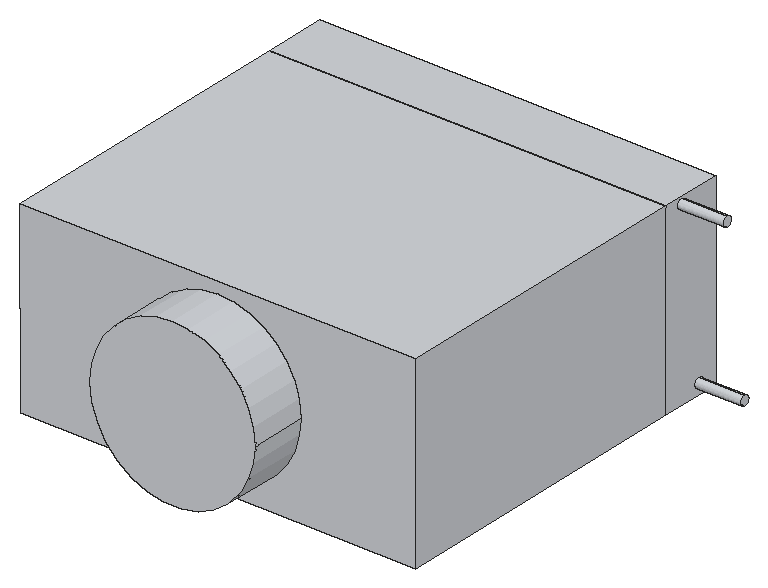
Revit family "EZTS(24x16)+ with Hot Water Coil", category Mechanical Equipment, Revit 2018
Family settings
  Round Connector Dimension = Use Radius
  Part Type = Normal
  Work Plane-Based = No
  Always vertical = Yes
  Cut with Voids When Loaded = No
  Shared = No
  Room Calculation Point = No
Parameters (values of type "EZTS(24x16)+ with 4 Row HWC & NO Controller")
  Width = 38"
  URL = "https://www.anemostat-hvac.com"
  Model = "EZTS+ With Hot Water Coil"
  Manufacturer = "Anemostat Products"
  Length = 30"
  Inlet Depth = 5 7/16"
  Inlet Center = Height / 2  # 9"
  Height = 18"
  HWC Depth "A" = 7"
  HWC Conn Radius = HWC Conn Diameter / 2  # 9/16"
  HWC Conn Length = 4 1/2"
  HWC Conn Diameter = 1 1/8"
  HWC Conn "E" = 1 39/256"
  HWC Conn "D" = 17/32"
  HWC Conn "C" = 3 213/256"
  HWC Conn "B" = 1 3/4"
  Duct Inlet Dia = 15 7/8"
  Duct Discharge Width = 38"
  Duct Discharge Height = 18"
  Description = "SINGLE DUCT AIR TERMINAL WITH INTEGRAL ATTENUATOR JUMBO HOT WATER HEATING COIL"
  Controller Right = no
  Controller Offset = 3"
  Controller Length = 14 7/32"
  Controller Left = no
  Controller Depth = 7 1/8"
  Controller Center = 5.68982"
  Coil Thickness = -6"
Types (13): name | HWC Conn Radius | HWC Conn Diameter | HWC Conn "C" | Controller Right | Controller Left | Controller Center | Coil Thickness
  (no name) | 9/16" | 1 1/8" | 3 213/256" | no | no | 5.68982" | -6"
  EZTS(24x16)+ with 2 Row HWC & NO Controller | 7/16" | 7/8" | 2 213/256" | no | no | 5 35/64" | -5"
  EZTS(24x16)+ with 1 Row HWC & NO Controller | 7/16" | 7/8" | 3 1/4" | no | no | 5.68982" | -5"
  EZTS(24x16)+ with 3 Row HWC & NO Controller | 9/16" | 1 1/8" | 3 213/256" | no | no | 5.68982" | -6"
  EZTS(24x16)+ with 4 Row HWC & NO Controller | 9/16" | 1 1/8" | 3 213/256" | no | no | 5.68982" | -6"
  EZTS(24x16)+ with 2 Row HWC & Controller RH | 7/16" | 7/8" | 2 213/256" | yes | no | 5 35/64" | -5"
  EZTS(24x16)+ with 1 Row HWC & Controller RH | 7/16" | 7/8" | 3 1/4" | yes | no | 5.68982" | -5"
  EZTS(24x16)+ with 4 Row HWC & Controller RH | 9/16" | 1 1/8" | 3 213/256" | yes | no | 5.68982" | -6"
  EZTS(24x16)+ with 3 Row HWC & Controller RH | 9/16" | 1 1/8" | 3 213/256" | yes | no | 5.68982" | -6"
  EZTS(24x16)+ with 1 Row HWC & Controller LH | 7/16" | 7/8" | 3 1/4" | no | yes | 5.68982" | -5"
  EZTS(24x16)+ with 2 Row HWC & Controller LH | 7/16" | 7/8" | 2 213/256" | no | yes | 5 35/64" | -5"
  EZTS(24x16)+ with 3 Row HWC & Controller LH | 9/16" | 1 1/8" | 3 213/256" | no | yes | 5.68982" | -6"
  EZTS(24x16)+ with 4 Row HWC & Controller LH | 9/16" | 1 1/8" | 3 213/256" | no | yes | 5.68982" | -6"
Reference planes (in)
  plane 1 "Center (Front/Back)": y = 0
  plane 2: z = 0
  plane 3 "Center (Left/Right)": x = 0
  plane 4 "Left side": x = -19
  plane 5 "Right Side": x = 19
  plane 6: z = 18
  plane 7 "Back of Box": y = 30
  plane 8: x = -12
  plane 9: x = 12
  plane 10: z = 17
  plane 11: z = 1
  plane 12: x = -11.967
  plane 13: x = 11.967
  plane 14: z = 16.967
  plane 15: z = 1.033
  plane 16 "Back of HWC": y = 35
  plane 17: y = 31.75
  plane 18: z = 17.46875
  plane 19: z = 1.15234
  plane 20: y = 33.83203
  plane 21 "Center Inlet": z = 9
  plane 22 "controller side": x = -26.125
  plane 23 "controller front": y = -3
  plane 24 "controller back": y = 12.875
  plane 25: z = 14.68982
  plane 26: z = 3.31018
  plane 27 "Controller Right": x = 26.125
Forms (in)
  Extrusion 1, solid
    sketch origin (0, 0, 0) x (1, 0, 0) y (0, 0, 1)
      loop
        line (-19, 18) -> (-19, 0) -> (19, 0) -> (19, 18) -> (-19, 18)
    from 0 to -30
  Extrusion 2, solid
    sketch origin (0, 30, 0) x (0, 0, 1) y (-1, 0, 0)
      loop
        line (18, -19) -> (18, 19) -> (0, 19) -> (0, -19) -> (18, -19)
    from 0 to -6 <- "Coil Thickness"
  Extrusion 3, solid
    sketch origin (19, 0, 0) x (0, 0, 1) y (0, -1, 0)
      loop
        circle (17.46875, -31.75) r 0.4375
    from 0 to 4.5 <- "HWC Conn Length"
  Extrusion 4, solid
    sketch origin (19, 0, 0) x (0, 0, 1) y (0, -1, 0)
      loop
        circle (1.15234, -33.83203) r 0.4375
    from 0 to 4.5 <- "HWC Conn Length"
  Extrusion 5, solid
    sketch origin (0, 0, 0) x (1, 0, 0) y (0, 0, 1)
      loop
        circle (0, 9) r 7.9375
    from 0 to 5.4375 <- "Inlet Depth"
  Extrusion 6, solid, visible <- "Controller Left"
    sketch origin (-26.125, 0, 0) x (0, 1, 0) y (0, 0, 1)
      loop
        line (12.875, 14.68982) -> (-3, 14.68982) -> (-3, 3.31018) -> (12.875, 3.31018) -> (12.875, 14.68982)
    from 0 to 7.125 <- "Controller Depth"
  Extrusion 7, solid, visible <- "Controller Right"
    sketch origin (19, 0, 0) x (0, 0, 1) y (0, -1, 0)
      loop
        line (14.68982, 3) -> (3.31018, 3) -> (3.31018, -12.875) -> (14.68982, -12.875) -> (14.68982, 3)
    from 0 to 7.125 <- "Controller Depth"
Dimensions and locks (in)
  equal spacing: plane 5 "Right Side", plane 3 "Center (Left/Right)", plane 4 "Left side"
  "Width": plane 5 "Right Side" to plane 4 "Left side"
  "Height": plane 6 to level
  "Length": plane 7 "Back of Box" to plane 1 "Center (Front/Back)"
  plane 4 "Left side" to plane 8 to plane 3 "Center (Left/Right)" = 7", 12"
  equal spacing: plane 9, plane 3 "Center (Left/Right)", plane 8
  "HWC Conn "B"": plane 7 "Back of Box" to plane 17
  "HWC Conn "D"": plane 6 to plane 18
  "HWC Conn "E"": plane 19 to level
  "HWC Conn "C"": plane 7 "Back of Box" to plane 20
  "Inlet Center": plane 21 "Center Inlet" to level
  "Duct Inlet Dia": plane 24 "controller back" to plane 23 "controller front"
  "Controller Offset": plane 1 "Center (Front/Back)" to plane 23 "controller front"
  "Controller Depth": plane 22 "controller side" to plane 4 "Left side"
  "Controller Center": plane 25 to plane 21 "Center Inlet"
  "Controller Center": plane 26 to plane 21 "Center Inlet"
  "Controller Depth": plane 27 "Controller Right" to Extrusion 1
  "Duct Inlet Dia": diameter of Extrusion 5 sketch curve
  aligned and locked: Extrusion 1 to plane 7 "Back of Box"
  aligned and locked: Extrusion 6 sketch curve to plane 25
  aligned and locked: Extrusion 6 sketch curve to plane 24 "controller back"
  aligned and locked: Extrusion 6 sketch curve to plane 26
  aligned and locked: Extrusion 6 sketch curve to plane 23 "controller front"
  aligned and locked: Extrusion 7 sketch curve to plane 24 "controller back"
  aligned and locked: Extrusion 7 sketch curve to plane 25
  aligned and locked: Extrusion 7 sketch curve to plane 26
  aligned and locked: Extrusion 7 sketch curve to plane 23 "controller front"
Automatic sketch dimensions
  Extrusion 1 sketch curve to level = 0"
  Extrusion 1 sketch curve to plane 4 "Left side" = 0"
  Extrusion 1 sketch curve to plane 5 "Right Side" = 0"
  Extrusion 1 sketch curve to plane 6 = 0"
  Extrusion 2 sketch curve to level = 0"
  Extrusion 2 sketch curve to plane 5 "Right Side" = 0"
  Extrusion 2 sketch curve to plane 6 = 0"
  Extrusion 2 sketch curve to plane 4 "Left side" = 0"
  Extrusion 3 sketch curve to plane 17 = 0"
  Extrusion 3 sketch curve to plane 18 = 0"
  Extrusion 4 sketch curve to plane 19 = 0"
  Extrusion 4 sketch curve to plane 20 = 0"
  Extrusion 5 sketch curve to plane 3 "Center (Left/Right)" = 0"
  Extrusion 5 sketch curve to plane 21 "Center Inlet" = 0"
  radius of Extrusion 3 sketch curve = 7/16"
  radius of Extrusion 4 sketch curve = 7/16"
Connectors (in)
  hvac at (0, 36, 9), driven by "Duct Discharge Height", driven by "Duct Discharge Width"
    settings: on Extrusion 2, index 2, duct flow 0 CFM, flow factor 0, pres drop 0.00 in-wg, loss coef 0, conn angle 0.00°, conn width 38", conn height 18", conn diameter 24", duct sys type 1, conn prof type 1, flow config 0, flow direction 2, loss method 0, conn ref index -1, conn util no, is conn primary yes, conn desc ""
  piping at (23.5, 31.75, 17.46875), diameter 1.125, driven by "HWC Conn Radius"
    settings: on Extrusion 3, index 3, connector inside diameter 24", connector length 0", flow factor 0, pipe flow 0 GPM, pressure drop 0.00 psi, fitting loss kfactor 0, connector angle 0.00°, fixture units 0, engagement length 0", angle of deflection 0.00°, flow configuration 0, flow direction 0, fitting loss method 0, system type 19, joint type 0, gender type 0, connector reference index -1, connector utility 0, adjustable connector no, is connector primary yes, connector description ""
  piping at (23.5, 33.83203, 1.15234), diameter 1.125, driven by "HWC Conn Radius"
    settings: on Extrusion 4, index 4, connector inside diameter 24", connector length 0", flow factor 0, pipe flow 0 GPM, pressure drop 0.00 psi, fitting loss kfactor 0, connector angle 0.00°, fixture units 0, engagement length 0", angle of deflection 0.00°, flow configuration 0, flow direction 0, fitting loss method 0, system type 19, joint type 0, gender type 0, connector reference index -1, connector utility 0, adjustable connector no, is connector primary no, connector description ""
  hvac at (0, -5.4375, 9), driven by "Duct Inlet Dia"
    settings: on Extrusion 5, index 5, duct flow 0 CFM, flow factor 0, pres drop 0.00 in-wg, loss coef 0, conn angle 0.00°, conn width 12", conn height 12", conn diameter 31 3/4", duct sys type 1, conn prof type 0, flow config 0, flow direction 1, loss method 0, conn ref index -1, conn util no, is conn primary no, conn desc ""
  electrical at (26.125, 4.9375, 9)
    settings: on Extrusion 7, index 6, voltage 0 V, apparent load 0 VA, apparent load phase1 0 VA, apparent load phase2 0 VA, apparent load phase3 0 VA, power factor 1, load classification "Other", number of poles 1, system type 31, power factor state 1, is connector primary yes, connector utility no, sub classification motor no, connector description ""
  electrical at (-26.125, 4.9375, 9)
    settings: on Extrusion 6, index 7, voltage 0 V, apparent load 0 VA, apparent load phase1 0 VA, apparent load phase2 0 VA, apparent load phase3 0 VA, power factor 1, load classification "Other", number of poles 1, system type 31, power factor state 1, is connector primary no, connector utility no, sub classification motor no, connector description ""
